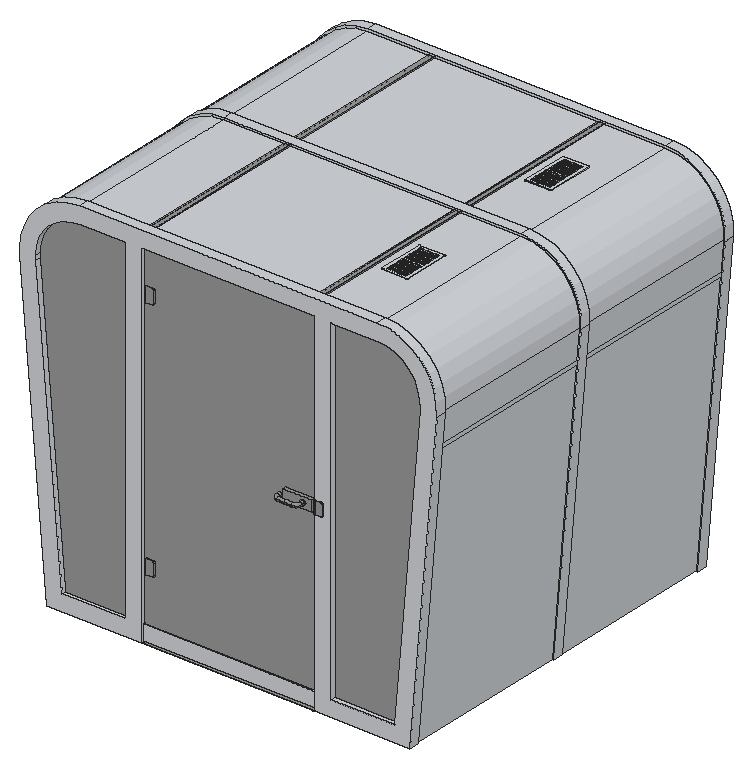
Revit family "Retreat 2.2 - PET Back", category Generic Models, host Floor, Revit 2020
Family settings
  Host = Floor
  Can host rebar = No
  Round Connector Dimension = Use Diameter
  Part Type = Normal
  Always vertical = Yes
  Cut with Voids When Loaded = No
  Shared = No
  Room Calculation Point = No
Parameters
  Default Elevation = 0 mm
Reference planes
  plane 1 "Center (Front/Back)": y = 0
  plane 2: z = 0
  plane 3 "Center (Left/Right)": x = 3.294
Forms (mm)
  Extrusion 1, solid
    sketch origin (0, 0, 0) x (1, 0, 0) y (0, 0, 1)
      loop
        line (-994.283, 0) -> (-1135.633, 1615.634) -> (-1187.435, 1611.102) -> (-1046.482, 0) -> (-994.283, 0)
      loop
        line (-1136.069, 1620.615) -> (-1152.093, 1803.768)
        arc (-1152.093, 1803.768) -> (-1152.883, 1815.827) -> (-1153.147, 1827.91) r 277
        arc (-1153.147, 1827.91) -> (-1072.015, 2023.779) -> (-876.147, 2104.91) r 277
        line (-876.147, 2104.91) -> (-511.874, 2104.91) -> (-511.874, 2156.91) -> (-876.147, 2156.91)
        arc (-876.147, 2156.91) -> (-1108.785, 2060.548) -> (-1205.147, 1827.91) r 329
        arc (-1205.147, 1827.91) -> (-1204.834, 1813.559) -> (-1203.895, 1799.236) r 329
        line (-1203.895, 1799.236) -> (-1187.871, 1616.083) -> (-1136.069, 1620.615)
      loop
        line (-486.874, 2104.91) -> (488.126, 2104.91) -> (488.126, 2156.91) -> (-486.874, 2156.91) -> (-486.874, 2104.91)
      loop
        line (513.126, 2104.91) -> (877.399, 2104.91)
        arc (877.399, 2104.91) -> (1081.624, 2015.048) -> (1153.345, 1803.768) r 277
        line (1153.345, 1803.768) -> (1137.321, 1620.615) -> (1189.123, 1616.083) -> (1205.147, 1799.236)
        arc (1205.147, 1799.236) -> (1119.963, 2050.179) -> (877.399, 2156.91) r 329
        line (877.399, 2156.91) -> (513.126, 2156.91) -> (513.126, 2104.91)
      loop
        line (1136.885, 1615.634) -> (995.535, 0) -> (1047.734, 0) -> (1188.687, 1611.102) -> (1136.885, 1615.634)
    from -1030 to -30
  Extrusion 2, solid
    sketch origin (0, 0, 0) x (1, 0, 0) y (0, 0, 1)
      loop
        line (-985.249, 0) -> (-1126.667, 1616.419) -> (-1135.633, 1615.634) -> (-994.283, 0) -> (-985.249, 0)
      loop
        line (-1127.103, 1621.4) -> (-1143.127, 1804.552)
        arc (-1143.127, 1804.552) -> (-1143.892, 1816.22) -> (-1144.147, 1827.91) r 268
        arc (-1144.147, 1827.91) -> (-1065.651, 2017.415) -> (-876.147, 2095.91) r 268
        line (-876.147, 2095.91) -> (-511.874, 2095.91) -> (-511.874, 2104.91) -> (-876.147, 2104.91)
        arc (-876.147, 2104.91) -> (-1072.015, 2023.779) -> (-1153.147, 1827.91) r 277
        arc (-1153.147, 1827.91) -> (-1152.883, 1815.827) -> (-1152.093, 1803.768) r 277
        line (-1152.093, 1803.768) -> (-1136.069, 1620.615) -> (-1127.103, 1621.4)
      loop
        line (-486.874, 2095.91) -> (488.126, 2095.91) -> (488.126, 2104.91) -> (-486.874, 2104.91) -> (-486.874, 2095.91)
      loop
        line (513.126, 2095.91) -> (877.399, 2095.91)
        arc (877.399, 2095.91) -> (1074.989, 2008.968) -> (1144.379, 1804.552) r 268
        line (1144.379, 1804.552) -> (1128.355, 1621.4) -> (1137.321, 1620.615) -> (1153.345, 1803.768)
        arc (1153.345, 1803.768) -> (1081.624, 2015.048) -> (877.399, 2104.91) r 277
        line (877.399, 2104.91) -> (513.126, 2104.91) -> (513.126, 2095.91)
      loop
        line (1127.919, 1616.419) -> (986.501, 0) -> (995.535, 0) -> (1136.885, 1615.634) -> (1127.919, 1616.419)
    from -1030 to -30
  Extrusion 3, solid
    sketch origin (0, 0, 0) x (1, 0, 0) y (0, 0, 1)
      loop
        line (-1046.482, 0) -> (-1187.435, 1611.102) -> (-1196.401, 1610.318) -> (-1055.516, 0) -> (-1046.482, 0)
      loop
        line (-1187.871, 1616.083) -> (-1203.895, 1799.236)
        arc (-1203.895, 1799.236) -> (-1204.834, 1813.559) -> (-1205.147, 1827.91) r 329
        arc (-1205.147, 1827.91) -> (-1108.785, 2060.548) -> (-876.147, 2156.91) r 329
        line (-876.147, 2156.91) -> (-511.874, 2156.91) -> (-511.874, 2165.91) -> (-876.147, 2165.91)
        arc (-876.147, 2165.91) -> (-1115.149, 2066.912) -> (-1214.147, 1827.91) r 338
        arc (-1214.147, 1827.91) -> (-1213.825, 1813.167) -> (-1212.86, 1798.451) r 338
        line (-1212.86, 1798.451) -> (-1196.837, 1615.299) -> (-1187.871, 1616.083)
      loop
        line (-486.874, 2156.91) -> (488.126, 2156.91) -> (488.126, 2165.91) -> (-486.874, 2165.91) -> (-486.874, 2156.91)
      loop
        line (513.126, 2156.91) -> (877.399, 2156.91)
        arc (877.399, 2156.91) -> (1119.963, 2050.179) -> (1205.147, 1799.236) r 329
        line (1205.147, 1799.236) -> (1189.123, 1616.083) -> (1198.089, 1615.299) -> (1214.112, 1798.451)
        arc (1214.112, 1798.451) -> (1126.598, 2056.259) -> (877.399, 2165.91) r 338
        line (877.399, 2165.91) -> (513.126, 2165.91) -> (513.126, 2156.91)
      loop
        line (1188.687, 1611.102) -> (1047.734, 0) -> (1056.768, 0) -> (1197.653, 1610.318) -> (1188.687, 1611.102)
    from -1030 to -30
  Extrusion 4, solid
    sketch origin (0, 0, 0) x (1, 0, 0) y (0, 0, 1)
      loop
        line (-1055.516, 0) -> (-1196.401, 1610.318) -> (-1198.393, 1610.144) -> (-1057.524, 0) -> (-1055.516, 0)
      loop
        line (-1196.837, 1615.299) -> (-1212.86, 1798.451)
        arc (-1212.86, 1798.451) -> (-1213.825, 1813.167) -> (-1214.147, 1827.91) r 338
        arc (-1214.147, 1827.91) -> (-1115.149, 2066.912) -> (-876.147, 2165.91) r 338
        line (-876.147, 2165.91) -> (-511.874, 2165.91) -> (-511.874, 2167.91) -> (-876.147, 2167.91)
        arc (-876.147, 2167.91) -> (-1116.563, 2068.326) -> (-1216.147, 1827.91) r 340
        arc (-1216.147, 1827.91) -> (-1215.823, 1813.079) -> (-1214.853, 1798.277) r 340
        line (-1214.853, 1798.277) -> (-1198.829, 1615.125) -> (-1196.837, 1615.299)
      loop
        line (-486.874, 2165.91) -> (488.126, 2165.91) -> (488.126, 2167.91) -> (-486.874, 2167.91) -> (-486.874, 2165.91)
      loop
        line (513.126, 2167.91) -> (513.126, 2165.91) -> (877.399, 2165.91)
        arc (877.399, 2165.91) -> (1126.598, 2056.259) -> (1214.112, 1798.451) r 338
        line (1214.112, 1798.451) -> (1198.089, 1615.299) -> (1200.081, 1615.125) -> (1216.105, 1798.277)
        arc (1216.105, 1798.277) -> (1128.073, 2057.611) -> (877.399, 2167.91) r 340
        line (877.399, 2167.91) -> (513.126, 2167.91)
      loop
        line (1197.653, 1610.318) -> (1056.768, 0) -> (1058.776, 0) -> (1199.645, 1610.144) -> (1197.653, 1610.318)
    from -1030 to -30
  Extrusion 5, solid
    sketch origin (0, 0, 0) x (1, 0, 0) y (0, 0, 1)
      loop
        line (-510, 0) -> (-510, 2083) -> (510, 2083) -> (510, 0) -> (1068, 0) -> (1225.26, 1797.495)
        arc (1225.26, 1797.495) -> (1134.639, 2064.457) -> (876.592, 2178) r 350
        line (876.592, 2178) -> (-876.592, 2178)
        arc (-876.592, 2178) -> (-1124.08, 2075.487) -> (-1226.592, 1828) r 350
        arc (-1226.592, 1828) -> (-1226.259, 1812.733) -> (-1225.26, 1797.495) r 350
        line (-1225.26, 1797.495) -> (-1068, 0) -> (-510, 0)
      loop
        line (-605, 95) -> (-605, 2083) -> (-876.592, 2083)
        arc (-876.592, 2083) -> (-1056.905, 2008.312) -> (-1131.592, 1828) r 255
        arc (-1131.592, 1828) -> (-1131.35, 1816.877) -> (-1130.622, 1805.775) r 255
        line (-1130.622, 1805.775) -> (-980.949, 95) -> (-605, 95)
      loop
        line (605, 95) -> (980.949, 95) -> (1130.622, 1805.775)
        arc (1130.622, 1805.775) -> (1064.598, 2000.276) -> (876.592, 2083) r 255
        line (876.592, 2083) -> (605, 2083) -> (605, 95)
    from 1030 to 1090
  Extrusion 6, solid
    sketch origin (0, 0, 0) x (1, 0, 0) y (0, 0, 1)
      loop
        line (-488, 0) -> (-488, 2061) -> (488, 2061) -> (488, 0) -> (510, 0) -> (510, 2083) -> (-510, 2083) -> (-510, 0) -> (-488, 0)
    from 1030 to 1050
  Extrusion 7, solid
    sketch origin (0, 0, 0) x (1, 0, 0) y (0, 0, 1)
      loop
        line (-1068, 0) -> (1068, 0) -> (1225.26, 1797.495)
        arc (1225.26, 1797.495) -> (1134.639, 2064.457) -> (876.592, 2178) r 350
        line (876.592, 2178) -> (-876.592, 2178)
        arc (-876.592, 2178) -> (-1124.08, 2075.487) -> (-1226.592, 1828) r 350
        arc (-1226.592, 1828) -> (-1226.259, 1812.733) -> (-1225.26, 1797.495) r 350
        line (-1225.26, 1797.495) -> (-1068, 0)
      loop
        line (-980.949, 95) -> (-572.5, 95) -> (-572.5, 2083) -> (-876.592, 2083)
        arc (-876.592, 2083) -> (-1056.905, 2008.312) -> (-1131.592, 1828) r 255
        arc (-1131.592, 1828) -> (-1131.35, 1816.877) -> (-1130.622, 1805.775) r 255
        line (-1130.622, 1805.775) -> (-980.949, 95)
      loop
        line (-427.5, 95) -> (427.5, 95) -> (427.5, 2083) -> (-427.5, 2083) -> (-427.5, 95)
      loop
        line (572.5, 95) -> (980.949, 95) -> (1130.622, 1805.775)
        arc (1130.622, 1805.775) -> (1064.598, 2000.276) -> (876.592, 2083) r 255
        line (876.592, 2083) -> (572.5, 2083) -> (572.5, 95)
    from -1090 to -1030
  Extrusion 8, solid
    sketch origin (0, 0, 0) x (1, 0, 0) y (0, 0, 1)
      loop
        line (505, 98.5) -> (-505, 98.5) -> (-505, 10.5) -> (505, 10.5) -> (505, 98.5)
    from 1071.5 to 1080.5
  Extrusion 9, solid
    sketch origin (0, 0, 0) x (1, 0, 0) y (0, 0, 1)
      loop
        line (484, 98.5) -> (-484, 98.5) -> (-484, 10.5) -> (484, 10.5) -> (484, 98.5)
    from 1033.5 to 1063.5
  Extrusion 10, solid
    sketch origin (782.264, -533.1, 0) x (1, 0, 0) y (0, 1, 0)
      loop
        line (-66.5, 143) -> (-212.5, 143)
        arc (-212.5, 143) -> (-216.036, 141.536) -> (-217.5, 138) r 5
        line (-217.5, 138) -> (-217.5, -134.9)
        arc (-217.5, -134.9) -> (-216.036, -138.436) -> (-212.5, -139.9) r 5
        line (-212.5, -139.9) -> (-66.5, -139.9)
        arc (-66.5, -139.9) -> (-62.964, -138.436) -> (-61.5, -134.9) r 5
        line (-61.5, -134.9) -> (-61.5, 138)
        arc (-61.5, 138) -> (-62.964, 141.536) -> (-66.5, 143) r 5
      loop
        line (-196.5, -90) -> (-196.5, -120)
        arc (-196.5, -120) -> (-195.914, -121.414) -> (-194.5, -122) r 2
        arc (-194.5, -122) -> (-193.086, -121.414) -> (-192.5, -120) r 2
        line (-192.5, -120) -> (-192.5, -90)
        arc (-192.5, -90) -> (-194.5, -88) -> (-196.5, -90) r 2
      loop
        line (-185.5, -90) -> (-185.5, -120)
        arc (-185.5, -120) -> (-184.914, -121.414) -> (-183.5, -122) r 2
        arc (-183.5, -122) -> (-182.086, -121.414) -> (-181.5, -120) r 2
        line (-181.5, -120) -> (-181.5, -90)
        arc (-181.5, -90) -> (-183.5, -88) -> (-185.5, -90) r 2
      loop
        line (-174.5, -90) -> (-174.5, -120)
        arc (-174.5, -120) -> (-173.914, -121.414) -> (-172.5, -122) r 2
        arc (-172.5, -122) -> (-171.086, -121.414) -> (-170.5, -120) r 2
        line (-170.5, -120) -> (-170.5, -90)
        arc (-170.5, -90) -> (-172.5, -88) -> (-174.5, -90) r 2
      loop
        line (-163.5, -90) -> (-163.5, -120)
        arc (-163.5, -120) -> (-162.914, -121.414) -> (-161.5, -122) r 2
        arc (-161.5, -122) -> (-160.086, -121.414) -> (-159.5, -120) r 2
        line (-159.5, -120) -> (-159.5, -90)
        arc (-159.5, -90) -> (-161.5, -88) -> (-163.5, -90) r 2
      loop
        line (-152.5, -90) -> (-152.5, -120)
        arc (-152.5, -120) -> (-151.914, -121.414) -> (-150.5, -122) r 2
        arc (-150.5, -122) -> (-149.086, -121.414) -> (-148.5, -120) r 2
        line (-148.5, -120) -> (-148.5, -90)
        arc (-148.5, -90) -> (-150.5, -88) -> (-152.5, -90) r 2
      loop
        line (-141.5, -90) -> (-141.5, -120)
        arc (-141.5, -120) -> (-140.914, -121.414) -> (-139.5, -122) r 2
        arc (-139.5, -122) -> (-138.086, -121.414) -> (-137.5, -120) r 2
        line (-137.5, -120) -> (-137.5, -90)
        arc (-137.5, -90) -> (-139.5, -88) -> (-141.5, -90) r 2
      loop
        line (-130.5, -90) -> (-130.5, -120)
        arc (-130.5, -120) -> (-129.914, -121.414) -> (-128.5, -122) r 2
        arc (-128.5, -122) -> (-127.086, -121.414) -> (-126.5, -120) r 2
        line (-126.5, -120) -> (-126.5, -90)
        arc (-126.5, -90) -> (-128.5, -88) -> (-130.5, -90) r 2
      loop
        line (-119.5, -90) -> (-119.5, -120)
        arc (-119.5, -120) -> (-118.914, -121.414) -> (-117.5, -122) r 2
        arc (-117.5, -122) -> (-116.086, -121.414) -> (-115.5, -120) r 2
        line (-115.5, -120) -> (-115.5, -90)
        arc (-115.5, -90) -> (-117.5, -88) -> (-119.5, -90) r 2
      loop
        line (-108.5, -90) -> (-108.5, -120)
        arc (-108.5, -120) -> (-107.914, -121.414) -> (-106.5, -122) r 2
        arc (-106.5, -122) -> (-105.086, -121.414) -> (-104.5, -120) r 2
        line (-104.5, -120) -> (-104.5, -90)
        arc (-104.5, -90) -> (-106.5, -88) -> (-108.5, -90) r 2
      loop
        line (-97.5, -90) -> (-97.5, -120)
        arc (-97.5, -120) -> (-96.914, -121.414) -> (-95.5, -122) r 2
        arc (-95.5, -122) -> (-94.086, -121.414) -> (-93.5, -120) r 2
        line (-93.5, -120) -> (-93.5, -90)
        arc (-93.5, -90) -> (-95.5, -88) -> (-97.5, -90) r 2
      loop
        line (-86.5, -90) -> (-86.5, -120)
        arc (-86.5, -120) -> (-85.914, -121.414) -> (-84.5, -122) r 2
        arc (-84.5, -122) -> (-83.086, -121.414) -> (-82.5, -120) r 2
        line (-82.5, -120) -> (-82.5, -90)
        arc (-82.5, -90) -> (-84.5, -88) -> (-86.5, -90) r 2
      loop
        line (-82.5, -80) -> (-82.5, -50)
        arc (-82.5, -50) -> (-84.5, -48) -> (-86.5, -50) r 2
        line (-86.5, -50) -> (-86.5, -80)
        arc (-86.5, -80) -> (-85.914, -81.414) -> (-84.5, -82) r 2
        arc (-84.5, -82) -> (-83.086, -81.414) -> (-82.5, -80) r 2
      loop
        line (-93.5, -80) -> (-93.5, -50)
        arc (-93.5, -50) -> (-95.5, -48) -> (-97.5, -50) r 2
        line (-97.5, -50) -> (-97.5, -80)
        arc (-97.5, -80) -> (-96.914, -81.414) -> (-95.5, -82) r 2
        arc (-95.5, -82) -> (-94.086, -81.414) -> (-93.5, -80) r 2
      loop
        line (-104.5, -80) -> (-104.5, -50)
        arc (-104.5, -50) -> (-106.5, -48) -> (-108.5, -50) r 2
        line (-108.5, -50) -> (-108.5, -80)
        arc (-108.5, -80) -> (-107.914, -81.414) -> (-106.5, -82) r 2
        arc (-106.5, -82) -> (-105.086, -81.414) -> (-104.5, -80) r 2
      loop
        line (-115.5, -80) -> (-115.5, -50)
        arc (-115.5, -50) -> (-117.5, -48) -> (-119.5, -50) r 2
        line (-119.5, -50) -> (-119.5, -80)
        arc (-119.5, -80) -> (-118.914, -81.414) -> (-117.5, -82) r 2
        arc (-117.5, -82) -> (-116.086, -81.414) -> (-115.5, -80) r 2
      loop
        line (-126.5, -80) -> (-126.5, -50)
        arc (-126.5, -50) -> (-128.5, -48) -> (-130.5, -50) r 2
        line (-130.5, -50) -> (-130.5, -80)
        arc (-130.5, -80) -> (-129.914, -81.414) -> (-128.5, -82) r 2
        arc (-128.5, -82) -> (-127.086, -81.414) -> (-126.5, -80) r 2
      loop
        line (-137.5, -80) -> (-137.5, -50)
        arc (-137.5, -50) -> (-139.5, -48) -> (-141.5, -50) r 2
        line (-141.5, -50) -> (-141.5, -80)
        arc (-141.5, -80) -> (-140.914, -81.414) -> (-139.5, -82) r 2
        arc (-139.5, -82) -> (-138.086, -81.414) -> (-137.5, -80) r 2
      loop
        line (-148.5, -80) -> (-148.5, -50)
        arc (-148.5, -50) -> (-150.5, -48) -> (-152.5, -50) r 2
        line (-152.5, -50) -> (-152.5, -80)
        arc (-152.5, -80) -> (-151.914, -81.414) -> (-150.5, -82) r 2
        arc (-150.5, -82) -> (-149.086, -81.414) -> (-148.5, -80) r 2
      loop
        line (-159.5, -80) -> (-159.5, -50)
        arc (-159.5, -50) -> (-161.5, -48) -> (-163.5, -50) r 2
        line (-163.5, -50) -> (-163.5, -80)
        arc (-163.5, -80) -> (-162.914, -81.414) -> (-161.5, -82) r 2
        arc (-161.5, -82) -> (-160.086, -81.414) -> (-159.5, -80) r 2
      loop
        line (-170.5, -80) -> (-170.5, -50)
        arc (-170.5, -50) -> (-172.5, -48) -> (-174.5, -50) r 2
        line (-174.5, -50) -> (-174.5, -80)
        arc (-174.5, -80) -> (-173.914, -81.414) -> (-172.5, -82) r 2
        arc (-172.5, -82) -> (-171.086, -81.414) -> (-170.5, -80) r 2
      loop
        line (-181.5, -80) -> (-181.5, -50)
        arc (-181.5, -50) -> (-183.5, -48) -> (-185.5, -50) r 2
        line (-185.5, -50) -> (-185.5, -80)
        arc (-185.5, -80) -> (-184.914, -81.414) -> (-183.5, -82) r 2
        arc (-183.5, -82) -> (-182.086, -81.414) -> (-181.5, -80) r 2
      loop
        line (-192.5, -80) -> (-192.5, -50)
        arc (-192.5, -50) -> (-194.5, -48) -> (-196.5, -50) r 2
        line (-196.5, -50) -> (-196.5, -80)
        arc (-196.5, -80) -> (-195.914, -81.414) -> (-194.5, -82) r 2
        arc (-194.5, -82) -> (-193.086, -81.414) -> (-192.5, -80) r 2
      loop
        line (-196.5, -10) -> (-196.5, -40)
        arc (-196.5, -40) -> (-195.914, -41.414) -> (-194.5, -42) r 2
        arc (-194.5, -42) -> (-193.086, -41.414) -> (-192.5, -40) r 2
        line (-192.5, -40) -> (-192.5, -10)
        arc (-192.5, -10) -> (-194.5, -8) -> (-196.5, -10) r 2
      loop
        line (-185.5, -10) -> (-185.5, -40)
        arc (-185.5, -40) -> (-184.914, -41.414) -> (-183.5, -42) r 2
        arc (-183.5, -42) -> (-182.086, -41.414) -> (-181.5, -40) r 2
        line (-181.5, -40) -> (-181.5, -10)
        arc (-181.5, -10) -> (-183.5, -8) -> (-185.5, -10) r 2
      loop
        line (-174.5, -10) -> (-174.5, -40)
        arc (-174.5, -40) -> (-172.5, -42) -> (-170.5, -40) r 2
        line (-170.5, -40) -> (-170.5, -10)
        arc (-170.5, -10) -> (-172.5, -8) -> (-174.5, -10) r 2
      loop
        line (-163.5, -10) -> (-163.5, -40)
        arc (-163.5, -40) -> (-162.914, -41.414) -> (-161.5, -42) r 2
        arc (-161.5, -42) -> (-160.086, -41.414) -> (-159.5, -40) r 2
        line (-159.5, -40) -> (-159.5, -10)
        arc (-159.5, -10) -> (-161.5, -8) -> (-163.5, -10) r 2
      loop
        line (-152.5, -10) -> (-152.5, -40)
        arc (-152.5, -40) -> (-151.914, -41.414) -> (-150.5, -42) r 2
        arc (-150.5, -42) -> (-149.086, -41.414) -> (-148.5, -40) r 2
        line (-148.5, -40) -> (-148.5, -10)
        arc (-148.5, -10) -> (-150.5, -8) -> (-152.5, -10) r 2
      loop
        line (-141.5, -10) -> (-141.5, -40)
        arc (-141.5, -40) -> (-140.914, -41.414) -> (-139.5, -42) r 2
        arc (-139.5, -42) -> (-138.086, -41.414) -> (-137.5, -40) r 2
        line (-137.5, -40) -> (-137.5, -10)
        arc (-137.5, -10) -> (-139.5, -8) -> (-141.5, -10) r 2
      loop
        line (-130.5, -10) -> (-130.5, -40)
        arc (-130.5, -40) -> (-129.914, -41.414) -> (-128.5, -42) r 2
        arc (-128.5, -42) -> (-127.086, -41.414) -> (-126.5, -40) r 2
        line (-126.5, -40) -> (-126.5, -10)
        arc (-126.5, -10) -> (-128.5, -8) -> (-130.5, -10) r 2
      loop
        line (-119.5, -10) -> (-119.5, -40)
        arc (-119.5, -40) -> (-118.914, -41.414) -> (-117.5, -42) r 2
        arc (-117.5, -42) -> (-116.086, -41.414) -> (-115.5, -40) r 2
        line (-115.5, -40) -> (-115.5, -10)
        arc (-115.5, -10) -> (-117.5, -8) -> (-119.5, -10) r 2
      loop
        line (-108.5, -10) -> (-108.5, -40)
        arc (-108.5, -40) -> (-107.914, -41.414) -> (-106.5, -42) r 2
        arc (-106.5, -42) -> (-105.086, -41.414) -> (-104.5, -40) r 2
        line (-104.5, -40) -> (-104.5, -10)
        arc (-104.5, -10) -> (-106.5, -8) -> (-108.5, -10) r 2
      loop
        line (-97.5, -10) -> (-97.5, -40)
        arc (-97.5, -40) -> (-96.914, -41.414) -> (-95.5, -42) r 2
        arc (-95.5, -42) -> (-94.086, -41.414) -> (-93.5, -40) r 2
        line (-93.5, -40) -> (-93.5, -10)
        arc (-93.5, -10) -> (-95.5, -8) -> (-97.5, -10) r 2
      loop
        line (-86.5, -10) -> (-86.5, -40)
        arc (-86.5, -40) -> (-85.914, -41.414) -> (-84.5, -42) r 2
        arc (-84.5, -42) -> (-83.086, -41.414) -> (-82.5, -40) r 2
        line (-82.5, -40) -> (-82.5, -10)
        arc (-82.5, -10) -> (-84.5, -8) -> (-86.5, -10) r 2
      loop
        line (-82.5, 10) -> (-82.5, 40)
        arc (-82.5, 40) -> (-84.5, 42) -> (-86.5, 40) r 2
        line (-86.5, 40) -> (-86.5, 10)
        arc (-86.5, 10) -> (-85.914, 8.586) -> (-84.5, 8) r 2
        arc (-84.5, 8) -> (-83.086, 8.586) -> (-82.5, 10) r 2
      loop
        line (-93.5, 10) -> (-93.5, 40)
        arc (-93.5, 40) -> (-95.5, 42) -> (-97.5, 40) r 2
        line (-97.5, 40) -> (-97.5, 10)
        arc (-97.5, 10) -> (-96.914, 8.586) -> (-95.5, 8) r 2
        arc (-95.5, 8) -> (-94.086, 8.586) -> (-93.5, 10) r 2
      loop
        line (-104.5, 10) -> (-104.5, 40)
        arc (-104.5, 40) -> (-106.5, 42) -> (-108.5, 40) r 2
        line (-108.5, 40) -> (-108.5, 10)
        arc (-108.5, 10) -> (-107.914, 8.586) -> (-106.5, 8) r 2
        arc (-106.5, 8) -> (-105.086, 8.586) -> (-104.5, 10) r 2
      loop
        line (-115.5, 10) -> (-115.5, 40)
        arc (-115.5, 40) -> (-117.5, 42) -> (-119.5, 40) r 2
        line (-119.5, 40) -> (-119.5, 10)
        arc (-119.5, 10) -> (-118.914, 8.586) -> (-117.5, 8) r 2
        arc (-117.5, 8) -> (-116.086, 8.586) -> (-115.5, 10) r 2
      loop
        line (-130.5, 40) -> (-130.5, 10)
        arc (-130.5, 10) -> (-129.914, 8.586) -> (-128.5, 8) r 2
        arc (-128.5, 8) -> (-127.086, 8.586) -> (-126.5, 10) r 2
        line (-126.5, 10) -> (-126.5, 40)
        arc (-126.5, 40) -> (-128.5, 42) -> (-130.5, 40) r 2
      loop
        line (-137.5, 10) -> (-137.5, 40)
        arc (-137.5, 40) -> (-139.5, 42) -> (-141.5, 40) r 2
        line (-141.5, 40) -> (-141.5, 10)
        arc (-141.5, 10) -> (-140.914, 8.586) -> (-139.5, 8) r 2
        arc (-139.5, 8) -> (-138.086, 8.586) -> (-137.5, 10) r 2
      loop
        line (-148.5, 10) -> (-148.5, 40)
        arc (-148.5, 40) -> (-150.5, 42) -> (-152.5, 40) r 2
        line (-152.5, 40) -> (-152.5, 10)
        arc (-152.5, 10) -> (-151.914, 8.586) -> (-150.5, 8) r 2
        arc (-150.5, 8) -> (-149.086, 8.586) -> (-148.5, 10) r 2
      loop
        line (-159.5, 10) -> (-159.5, 40)
        arc (-159.5, 40) -> (-161.5, 42) -> (-163.5, 40) r 2
        line (-163.5, 40) -> (-163.5, 10)
        arc (-163.5, 10) -> (-162.914, 8.586) -> (-161.5, 8) r 2
        arc (-161.5, 8) -> (-160.086, 8.586) -> (-159.5, 10) r 2
      loop
        line (-170.5, 10) -> (-170.5, 40)
        arc (-170.5, 40) -> (-172.5, 42) -> (-174.5, 40) r 2
        line (-174.5, 40) -> (-174.5, 10)
        arc (-174.5, 10) -> (-173.914, 8.586) -> (-172.5, 8) r 2
        arc (-172.5, 8) -> (-171.086, 8.586) -> (-170.5, 10) r 2
      loop
        line (-181.5, 10) -> (-181.5, 40)
        arc (-181.5, 40) -> (-183.5, 42) -> (-185.5, 40) r 2
        line (-185.5, 40) -> (-185.5, 10)
        arc (-185.5, 10) -> (-184.914, 8.586) -> (-183.5, 8) r 2
        arc (-183.5, 8) -> (-182.086, 8.586) -> (-181.5, 10) r 2
      loop
        line (-192.5, 10) -> (-192.5, 40)
        arc (-192.5, 40) -> (-194.5, 42) -> (-196.5, 40) r 2
        line (-196.5, 40) -> (-196.5, 10)
        arc (-196.5, 10) -> (-195.914, 8.586) -> (-194.5, 8) r 2
        arc (-194.5, 8) -> (-193.086, 8.586) -> (-192.5, 10) r 2
      loop
        line (-196.5, 80) -> (-196.5, 50)
        arc (-196.5, 50) -> (-195.914, 48.586) -> (-194.5, 48) r 2
        arc (-194.5, 48) -> (-193.086, 48.586) -> (-192.5, 50) r 2
        line (-192.5, 50) -> (-192.5, 80)
        arc (-192.5, 80) -> (-194.5, 82) -> (-196.5, 80) r 2
      loop
        line (-185.5, 80) -> (-185.5, 50)
        arc (-185.5, 50) -> (-184.914, 48.586) -> (-183.5, 48) r 2
        arc (-183.5, 48) -> (-182.086, 48.586) -> (-181.5, 50) r 2
        line (-181.5, 50) -> (-181.5, 80)
        arc (-181.5, 80) -> (-183.5, 82) -> (-185.5, 80) r 2
      loop
        line (-174.5, 80) -> (-174.5, 50)
        arc (-174.5, 50) -> (-173.914, 48.586) -> (-172.5, 48) r 2
        arc (-172.5, 48) -> (-171.086, 48.586) -> (-170.5, 50) r 2
        line (-170.5, 50) -> (-170.5, 80)
        arc (-170.5, 80) -> (-172.5, 82) -> (-174.5, 80) r 2
      loop
        line (-163.5, 80) -> (-163.5, 50)
        arc (-163.5, 50) -> (-162.914, 48.586) -> (-161.5, 48) r 2
        arc (-161.5, 48) -> (-160.086, 48.586) -> (-159.5, 50) r 2
        line (-159.5, 50) -> (-159.5, 80)
        arc (-159.5, 80) -> (-161.5, 82) -> (-163.5, 80) r 2
      loop
        line (-152.5, 80) -> (-152.5, 50)
        arc (-152.5, 50) -> (-151.914, 48.586) -> (-150.5, 48) r 2
        arc (-150.5, 48) -> (-149.086, 48.586) -> (-148.5, 50) r 2
        line (-148.5, 50) -> (-148.5, 80)
        arc (-148.5, 80) -> (-150.5, 82) -> (-152.5, 80) r 2
      loop
        line (-141.5, 80) -> (-141.5, 50)
        arc (-141.5, 50) -> (-140.914, 48.586) -> (-139.5, 48) r 2
        arc (-139.5, 48) -> (-138.086, 48.586) -> (-137.5, 50) r 2
        line (-137.5, 50) -> (-137.5, 80)
        arc (-137.5, 80) -> (-139.5, 82) -> (-141.5, 80) r 2
      loop
        line (-130.5, 80) -> (-130.5, 50)
        arc (-130.5, 50) -> (-129.914, 48.586) -> (-128.5, 48) r 2
        arc (-128.5, 48) -> (-127.086, 48.586) -> (-126.5, 50) r 2
        line (-126.5, 50) -> (-126.5, 80)
        arc (-126.5, 80) -> (-128.5, 82) -> (-130.5, 80) r 2
      loop
        line (-119.5, 80) -> (-119.5, 50)
        arc (-119.5, 50) -> (-118.914, 48.586) -> (-117.5, 48) r 2
        arc (-117.5, 48) -> (-116.086, 48.586) -> (-115.5, 50) r 2
        line (-115.5, 50) -> (-115.5, 80)
        arc (-115.5, 80) -> (-117.5, 82) -> (-119.5, 80) r 2
      loop
        line (-108.5, 80) -> (-108.5, 50)
        arc (-108.5, 50) -> (-107.914, 48.586) -> (-106.5, 48) r 2
        arc (-106.5, 48) -> (-105.086, 48.586) -> (-104.5, 50) r 2
        line (-104.5, 50) -> (-104.5, 80)
        arc (-104.5, 80) -> (-106.5, 82) -> (-108.5, 80) r 2
      loop
        line (-97.5, 80) -> (-97.5, 50)
        arc (-97.5, 50) -> (-96.914, 48.586) -> (-95.5, 48) r 2
        arc (-95.5, 48) -> (-94.086, 48.586) -> (-93.5, 50) r 2
        line (-93.5, 50) -> (-93.5, 80)
        arc (-93.5, 80) -> (-95.5, 82) -> (-97.5, 80) r 2
      loop
        line (-86.5, 80) -> (-86.5, 50)
        arc (-86.5, 50) -> (-85.914, 48.586) -> (-84.5, 48) r 2
        arc (-84.5, 48) -> (-83.086, 48.586) -> (-82.5, 50) r 2
        line (-82.5, 50) -> (-82.5, 80)
        arc (-82.5, 80) -> (-84.5, 82) -> (-86.5, 80) r 2
      loop
        line (-82.5, 90) -> (-82.5, 120)
        arc (-82.5, 120) -> (-84.5, 122) -> (-86.5, 120) r 2
        line (-86.5, 120) -> (-86.5, 90)
        arc (-86.5, 90) -> (-85.914, 88.586) -> (-84.5, 88) r 2
        arc (-84.5, 88) -> (-83.086, 88.586) -> (-82.5, 90) r 2
      loop
        line (-93.5, 90) -> (-93.5, 120)
        arc (-93.5, 120) -> (-95.5, 122) -> (-97.5, 120) r 2
        line (-97.5, 120) -> (-97.5, 90)
        arc (-97.5, 90) -> (-96.914, 88.586) -> (-95.5, 88) r 2
        arc (-95.5, 88) -> (-94.086, 88.586) -> (-93.5, 90) r 2
      loop
        line (-104.5, 90) -> (-104.5, 120)
        arc (-104.5, 120) -> (-106.5, 122) -> (-108.5, 120) r 2
        line (-108.5, 120) -> (-108.5, 90)
        arc (-108.5, 90) -> (-107.914, 88.586) -> (-106.5, 88) r 2
        arc (-106.5, 88) -> (-105.086, 88.586) -> (-104.5, 90) r 2
      loop
        line (-115.5, 90) -> (-115.5, 120)
        arc (-115.5, 120) -> (-117.5, 122) -> (-119.5, 120) r 2
        line (-119.5, 120) -> (-119.5, 90)
        arc (-119.5, 90) -> (-118.914, 88.586) -> (-117.5, 88) r 2
        arc (-117.5, 88) -> (-116.086, 88.586) -> (-115.5, 90) r 2
      loop
        line (-126.5, 90) -> (-126.5, 120)
        arc (-126.5, 120) -> (-128.5, 122) -> (-130.5, 120) r 2
        line (-130.5, 120) -> (-130.5, 90)
        arc (-130.5, 90) -> (-129.914, 88.586) -> (-128.5, 88) r 2
        arc (-128.5, 88) -> (-127.086, 88.586) -> (-126.5, 90) r 2
      loop
        line (-137.5, 90) -> (-137.5, 120)
        arc (-137.5, 120) -> (-139.5, 122) -> (-141.5, 120) r 2
        line (-141.5, 120) -> (-141.5, 90)
        arc (-141.5, 90) -> (-140.914, 88.586) -> (-139.5, 88) r 2
        arc (-139.5, 88) -> (-138.086, 88.586) -> (-137.5, 90) r 2
      loop
        line (-148.5, 90) -> (-148.5, 120)
        arc (-148.5, 120) -> (-150.5, 122) -> (-152.5, 120) r 2
        line (-152.5, 120) -> (-152.5, 90)
        arc (-152.5, 90) -> (-151.914, 88.586) -> (-150.5, 88) r 2
        arc (-150.5, 88) -> (-149.086, 88.586) -> (-148.5, 90) r 2
      loop
        line (-159.5, 90) -> (-159.5, 120)
        arc (-159.5, 120) -> (-161.5, 122) -> (-163.5, 120) r 2
        line (-163.5, 120) -> (-163.5, 90)
        arc (-163.5, 90) -> (-162.914, 88.586) -> (-161.5, 88) r 2
        arc (-161.5, 88) -> (-160.086, 88.586) -> (-159.5, 90) r 2
      loop
        line (-170.5, 90) -> (-170.5, 120)
        arc (-170.5, 120) -> (-172.5, 122) -> (-174.5, 120) r 2
        line (-174.5, 120) -> (-174.5, 90)
        arc (-174.5, 90) -> (-173.914, 88.586) -> (-172.5, 88) r 2
        arc (-172.5, 88) -> (-171.086, 88.586) -> (-170.5, 90) r 2
      loop
        line (-181.5, 90) -> (-181.5, 120)
        arc (-181.5, 120) -> (-183.5, 122) -> (-185.5, 120) r 2
        line (-185.5, 120) -> (-185.5, 90)
        arc (-185.5, 90) -> (-184.914, 88.586) -> (-183.5, 88) r 2
        arc (-183.5, 88) -> (-182.086, 88.586) -> (-181.5, 90) r 2
      loop
        line (-192.5, 90) -> (-192.5, 120)
        arc (-192.5, 120) -> (-194.5, 122) -> (-196.5, 120) r 2
        line (-196.5, 120) -> (-196.5, 90)
        arc (-196.5, 90) -> (-195.914, 88.586) -> (-194.5, 88) r 2
        arc (-194.5, 88) -> (-193.086, 88.586) -> (-192.5, 90) r 2
    from 2167.91 to 2169.51
  Extrusion 11, solid
    sketch origin (1076.078, -530, 486.793) x (-0.087156, 0, 0.996195) y (0, 1, 0)
      loop
        line (-66.5, 143) -> (-212.5, 143)
        arc (-212.5, 143) -> (-216.036, 141.536) -> (-217.5, 138) r 5
        line (-217.5, 138) -> (-217.5, -138)
        arc (-217.5, -138) -> (-216.036, -141.536) -> (-212.5, -143) r 5
        line (-212.5, -143) -> (-66.5, -143)
        arc (-66.5, -143) -> (-62.964, -141.536) -> (-61.5, -138) r 5
        line (-61.5, -138) -> (-61.5, 138)
        arc (-61.5, 138) -> (-62.964, 141.536) -> (-66.5, 143) r 5
      loop
        line (-196.5, -90) -> (-196.5, -120)
        arc (-196.5, -120) -> (-195.914, -121.414) -> (-194.5, -122) r 2
        arc (-194.5, -122) -> (-193.086, -121.414) -> (-192.5, -120) r 2
        line (-192.5, -120) -> (-192.5, -90)
        arc (-192.5, -90) -> (-194.5, -88) -> (-196.5, -90) r 2
      loop
        line (-185.5, -90) -> (-185.5, -120)
        arc (-185.5, -120) -> (-184.914, -121.414) -> (-183.5, -122) r 2
        arc (-183.5, -122) -> (-182.086, -121.414) -> (-181.5, -120) r 2
        line (-181.5, -120) -> (-181.5, -90)
        arc (-181.5, -90) -> (-183.5, -88) -> (-185.5, -90) r 2
      loop
        line (-174.5, -90) -> (-174.5, -120)
        arc (-174.5, -120) -> (-173.914, -121.414) -> (-172.5, -122) r 2
        arc (-172.5, -122) -> (-171.086, -121.414) -> (-170.5, -120) r 2
        line (-170.5, -120) -> (-170.5, -90)
        arc (-170.5, -90) -> (-172.5, -88) -> (-174.5, -90) r 2
      loop
        line (-163.5, -90) -> (-163.5, -120)
        arc (-163.5, -120) -> (-162.914, -121.414) -> (-161.5, -122) r 2
        arc (-161.5, -122) -> (-160.086, -121.414) -> (-159.5, -120) r 2
        line (-159.5, -120) -> (-159.5, -90)
        arc (-159.5, -90) -> (-161.5, -88) -> (-163.5, -90) r 2
      loop
        line (-152.5, -90) -> (-152.5, -120)
        arc (-152.5, -120) -> (-151.914, -121.414) -> (-150.5, -122) r 2
        arc (-150.5, -122) -> (-149.086, -121.414) -> (-148.5, -120) r 2
        line (-148.5, -120) -> (-148.5, -90)
        arc (-148.5, -90) -> (-150.5, -88) -> (-152.5, -90) r 2
      loop
        line (-141.5, -90) -> (-141.5, -120)
        arc (-141.5, -120) -> (-140.914, -121.414) -> (-139.5, -122) r 2
        arc (-139.5, -122) -> (-138.086, -121.414) -> (-137.5, -120) r 2
        line (-137.5, -120) -> (-137.5, -90)
        arc (-137.5, -90) -> (-139.5, -88) -> (-141.5, -90) r 2
      loop
        line (-130.5, -90) -> (-130.5, -120)
        arc (-130.5, -120) -> (-129.914, -121.414) -> (-128.5, -122) r 2
        arc (-128.5, -122) -> (-127.086, -121.414) -> (-126.5, -120) r 2
        line (-126.5, -120) -> (-126.5, -90)
        arc (-126.5, -90) -> (-128.5, -88) -> (-130.5, -90) r 2
      loop
        line (-119.5, -90) -> (-119.5, -120)
        arc (-119.5, -120) -> (-118.914, -121.414) -> (-117.5, -122) r 2
        arc (-117.5, -122) -> (-116.086, -121.414) -> (-115.5, -120) r 2
        line (-115.5, -120) -> (-115.5, -90)
        arc (-115.5, -90) -> (-117.5, -88) -> (-119.5, -90) r 2
      loop
        line (-108.5, -90) -> (-108.5, -120)
        arc (-108.5, -120) -> (-107.914, -121.414) -> (-106.5, -122) r 2
        arc (-106.5, -122) -> (-105.086, -121.414) -> (-104.5, -120) r 2
        line (-104.5, -120) -> (-104.5, -90)
        arc (-104.5, -90) -> (-106.5, -88) -> (-108.5, -90) r 2
      loop
        line (-97.5, -90) -> (-97.5, -120)
        arc (-97.5, -120) -> (-96.914, -121.414) -> (-95.5, -122) r 2
        arc (-95.5, -122) -> (-94.086, -121.414) -> (-93.5, -120) r 2
        line (-93.5, -120) -> (-93.5, -90)
        arc (-93.5, -90) -> (-95.5, -88) -> (-97.5, -90) r 2
      loop
        line (-86.5, -90) -> (-86.5, -120)
        arc (-86.5, -120) -> (-85.914, -121.414) -> (-84.5, -122) r 2
        arc (-84.5, -122) -> (-83.086, -121.414) -> (-82.5, -120) r 2
        line (-82.5, -120) -> (-82.5, -90)
        arc (-82.5, -90) -> (-84.5, -88) -> (-86.5, -90) r 2
      loop
        line (-82.5, -80) -> (-82.5, -50)
        arc (-82.5, -50) -> (-84.5, -48) -> (-86.5, -50) r 2
        line (-86.5, -50) -> (-86.5, -80)
        arc (-86.5, -80) -> (-85.914, -81.414) -> (-84.5, -82) r 2
        arc (-84.5, -82) -> (-83.086, -81.414) -> (-82.5, -80) r 2
      loop
        line (-93.5, -80) -> (-93.5, -50)
        arc (-93.5, -50) -> (-95.5, -48) -> (-97.5, -50) r 2
        line (-97.5, -50) -> (-97.5, -80)
        arc (-97.5, -80) -> (-96.914, -81.414) -> (-95.5, -82) r 2
        arc (-95.5, -82) -> (-94.086, -81.414) -> (-93.5, -80) r 2
      loop
        line (-104.5, -80) -> (-104.5, -50)
        arc (-104.5, -50) -> (-106.5, -48) -> (-108.5, -50) r 2
        line (-108.5, -50) -> (-108.5, -80)
        arc (-108.5, -80) -> (-107.914, -81.414) -> (-106.5, -82) r 2
        arc (-106.5, -82) -> (-105.086, -81.414) -> (-104.5, -80) r 2
      loop
        line (-115.5, -80) -> (-115.5, -50)
        arc (-115.5, -50) -> (-117.5, -48) -> (-119.5, -50) r 2
        line (-119.5, -50) -> (-119.5, -80)
        arc (-119.5, -80) -> (-118.914, -81.414) -> (-117.5, -82) r 2
        arc (-117.5, -82) -> (-116.086, -81.414) -> (-115.5, -80) r 2
      loop
        line (-126.5, -80) -> (-126.5, -50)
        arc (-126.5, -50) -> (-128.5, -48) -> (-130.5, -50) r 2
        line (-130.5, -50) -> (-130.5, -80)
        arc (-130.5, -80) -> (-129.914, -81.414) -> (-128.5, -82) r 2
        arc (-128.5, -82) -> (-127.086, -81.414) -> (-126.5, -80) r 2
      loop
        line (-137.5, -80) -> (-137.5, -50)
        arc (-137.5, -50) -> (-139.5, -48) -> (-141.5, -50) r 2
        line (-141.5, -50) -> (-141.5, -80)
        arc (-141.5, -80) -> (-140.914, -81.414) -> (-139.5, -82) r 2
        arc (-139.5, -82) -> (-138.086, -81.414) -> (-137.5, -80) r 2
      loop
        line (-148.5, -80) -> (-148.5, -50)
        arc (-148.5, -50) -> (-150.5, -48) -> (-152.5, -50) r 2
        line (-152.5, -50) -> (-152.5, -80)
        arc (-152.5, -80) -> (-151.914, -81.414) -> (-150.5, -82) r 2
        arc (-150.5, -82) -> (-149.086, -81.414) -> (-148.5, -80) r 2
      loop
        line (-159.5, -80) -> (-159.5, -50)
        arc (-159.5, -50) -> (-161.5, -48) -> (-163.5, -50) r 2
        line (-163.5, -50) -> (-163.5, -80)
        arc (-163.5, -80) -> (-162.914, -81.414) -> (-161.5, -82) r 2
        arc (-161.5, -82) -> (-160.086, -81.414) -> (-159.5, -80) r 2
      loop
        line (-170.5, -80) -> (-170.5, -50)
        arc (-170.5, -50) -> (-172.5, -48) -> (-174.5, -50) r 2
        line (-174.5, -50) -> (-174.5, -80)
        arc (-174.5, -80) -> (-173.914, -81.414) -> (-172.5, -82) r 2
        arc (-172.5, -82) -> (-171.086, -81.414) -> (-170.5, -80) r 2
      loop
        line (-181.5, -80) -> (-181.5, -50)
        arc (-181.5, -50) -> (-183.5, -48) -> (-185.5, -50) r 2
        line (-185.5, -50) -> (-185.5, -80)
        arc (-185.5, -80) -> (-184.914, -81.414) -> (-183.5, -82) r 2
        arc (-183.5, -82) -> (-182.086, -81.414) -> (-181.5, -80) r 2
      loop
        line (-192.5, -80) -> (-192.5, -50)
        arc (-192.5, -50) -> (-194.5, -48) -> (-196.5, -50) r 2
        line (-196.5, -50) -> (-196.5, -80)
        arc (-196.5, -80) -> (-195.914, -81.414) -> (-194.5, -82) r 2
        arc (-194.5, -82) -> (-193.086, -81.414) -> (-192.5, -80) r 2
      loop
        line (-196.5, -10) -> (-196.5, -40)
        arc (-196.5, -40) -> (-195.914, -41.414) -> (-194.5, -42) r 2
        arc (-194.5, -42) -> (-193.086, -41.414) -> (-192.5, -40) r 2
        line (-192.5, -40) -> (-192.5, -10)
        arc (-192.5, -10) -> (-194.5, -8) -> (-196.5, -10) r 2
      loop
        line (-185.5, -10) -> (-185.5, -40)
        arc (-185.5, -40) -> (-184.914, -41.414) -> (-183.5, -42) r 2
        arc (-183.5, -42) -> (-182.086, -41.414) -> (-181.5, -40) r 2
        line (-181.5, -40) -> (-181.5, -10)
        arc (-181.5, -10) -> (-183.5, -8) -> (-185.5, -10) r 2
      loop
        line (-174.5, -10) -> (-174.5, -40)
        arc (-174.5, -40) -> (-172.5, -42) -> (-170.5, -40) r 2
        line (-170.5, -40) -> (-170.5, -10)
        arc (-170.5, -10) -> (-172.5, -8) -> (-174.5, -10) r 2
      loop
        line (-163.5, -10) -> (-163.5, -40)
        arc (-163.5, -40) -> (-162.914, -41.414) -> (-161.5, -42) r 2
        arc (-161.5, -42) -> (-160.086, -41.414) -> (-159.5, -40) r 2
        line (-159.5, -40) -> (-159.5, -10)
        arc (-159.5, -10) -> (-161.5, -8) -> (-163.5, -10) r 2
      loop
        line (-152.5, -10) -> (-152.5, -40)
        arc (-152.5, -40) -> (-151.914, -41.414) -> (-150.5, -42) r 2
        arc (-150.5, -42) -> (-149.086, -41.414) -> (-148.5, -40) r 2
        line (-148.5, -40) -> (-148.5, -10)
        arc (-148.5, -10) -> (-150.5, -8) -> (-152.5, -10) r 2
      loop
        line (-141.5, -10) -> (-141.5, -40)
        arc (-141.5, -40) -> (-140.914, -41.414) -> (-139.5, -42) r 2
        arc (-139.5, -42) -> (-138.086, -41.414) -> (-137.5, -40) r 2
        line (-137.5, -40) -> (-137.5, -10)
        arc (-137.5, -10) -> (-139.5, -8) -> (-141.5, -10) r 2
      loop
        line (-130.5, -10) -> (-130.5, -40)
        arc (-130.5, -40) -> (-129.914, -41.414) -> (-128.5, -42) r 2
        arc (-128.5, -42) -> (-127.086, -41.414) -> (-126.5, -40) r 2
        line (-126.5, -40) -> (-126.5, -10)
        arc (-126.5, -10) -> (-128.5, -8) -> (-130.5, -10) r 2
      loop
        line (-119.5, -10) -> (-119.5, -40)
        arc (-119.5, -40) -> (-118.914, -41.414) -> (-117.5, -42) r 2
        arc (-117.5, -42) -> (-116.086, -41.414) -> (-115.5, -40) r 2
        line (-115.5, -40) -> (-115.5, -10)
        arc (-115.5, -10) -> (-117.5, -8) -> (-119.5, -10) r 2
      loop
        line (-108.5, -10) -> (-108.5, -40)
        arc (-108.5, -40) -> (-107.914, -41.414) -> (-106.5, -42) r 2
        arc (-106.5, -42) -> (-105.086, -41.414) -> (-104.5, -40) r 2
        line (-104.5, -40) -> (-104.5, -10)
        arc (-104.5, -10) -> (-106.5, -8) -> (-108.5, -10) r 2
      loop
        line (-97.5, -10) -> (-97.5, -40)
        arc (-97.5, -40) -> (-96.914, -41.414) -> (-95.5, -42) r 2
        arc (-95.5, -42) -> (-94.086, -41.414) -> (-93.5, -40) r 2
        line (-93.5, -40) -> (-93.5, -10)
        arc (-93.5, -10) -> (-95.5, -8) -> (-97.5, -10) r 2
      loop
        line (-86.5, -10) -> (-86.5, -40)
        arc (-86.5, -40) -> (-85.914, -41.414) -> (-84.5, -42) r 2
        arc (-84.5, -42) -> (-83.086, -41.414) -> (-82.5, -40) r 2
        line (-82.5, -40) -> (-82.5, -10)
        arc (-82.5, -10) -> (-84.5, -8) -> (-86.5, -10) r 2
      loop
        line (-82.5, 10) -> (-82.5, 40)
        arc (-82.5, 40) -> (-84.5, 42) -> (-86.5, 40) r 2
        line (-86.5, 40) -> (-86.5, 10)
        arc (-86.5, 10) -> (-85.914, 8.586) -> (-84.5, 8) r 2
        arc (-84.5, 8) -> (-83.086, 8.586) -> (-82.5, 10) r 2
      loop
        line (-93.5, 10) -> (-93.5, 40)
        arc (-93.5, 40) -> (-95.5, 42) -> (-97.5, 40) r 2
        line (-97.5, 40) -> (-97.5, 10)
        arc (-97.5, 10) -> (-96.914, 8.586) -> (-95.5, 8) r 2
        arc (-95.5, 8) -> (-94.086, 8.586) -> (-93.5, 10) r 2
      loop
        line (-104.5, 10) -> (-104.5, 40)
        arc (-104.5, 40) -> (-106.5, 42) -> (-108.5, 40) r 2
        line (-108.5, 40) -> (-108.5, 10)
        arc (-108.5, 10) -> (-107.914, 8.586) -> (-106.5, 8) r 2
        arc (-106.5, 8) -> (-105.086, 8.586) -> (-104.5, 10) r 2
      loop
        line (-115.5, 10) -> (-115.5, 40)
        arc (-115.5, 40) -> (-117.5, 42) -> (-119.5, 40) r 2
        line (-119.5, 40) -> (-119.5, 10)
        arc (-119.5, 10) -> (-118.914, 8.586) -> (-117.5, 8) r 2
        arc (-117.5, 8) -> (-116.086, 8.586) -> (-115.5, 10) r 2
      loop
        line (-130.5, 40) -> (-130.5, 10)
        arc (-130.5, 10) -> (-129.914, 8.586) -> (-128.5, 8) r 2
        arc (-128.5, 8) -> (-127.086, 8.586) -> (-126.5, 10) r 2
        line (-126.5, 10) -> (-126.5, 40)
        arc (-126.5, 40) -> (-128.5, 42) -> (-130.5, 40) r 2
      loop
        line (-137.5, 10) -> (-137.5, 40)
        arc (-137.5, 40) -> (-139.5, 42) -> (-141.5, 40) r 2
        line (-141.5, 40) -> (-141.5, 10)
        arc (-141.5, 10) -> (-140.914, 8.586) -> (-139.5, 8) r 2
        arc (-139.5, 8) -> (-138.086, 8.586) -> (-137.5, 10) r 2
      loop
        line (-148.5, 10) -> (-148.5, 40)
        arc (-148.5, 40) -> (-150.5, 42) -> (-152.5, 40) r 2
        line (-152.5, 40) -> (-152.5, 10)
        arc (-152.5, 10) -> (-151.914, 8.586) -> (-150.5, 8) r 2
        arc (-150.5, 8) -> (-149.086, 8.586) -> (-148.5, 10) r 2
      loop
        line (-159.5, 10) -> (-159.5, 40)
        arc (-159.5, 40) -> (-161.5, 42) -> (-163.5, 40) r 2
        line (-163.5, 40) -> (-163.5, 10)
        arc (-163.5, 10) -> (-162.914, 8.586) -> (-161.5, 8) r 2
        arc (-161.5, 8) -> (-160.086, 8.586) -> (-159.5, 10) r 2
      loop
        line (-170.5, 10) -> (-170.5, 40)
        arc (-170.5, 40) -> (-172.5, 42) -> (-174.5, 40) r 2
        line (-174.5, 40) -> (-174.5, 10)
        arc (-174.5, 10) -> (-173.914, 8.586) -> (-172.5, 8) r 2
        arc (-172.5, 8) -> (-171.086, 8.586) -> (-170.5, 10) r 2
      loop
        line (-181.5, 10) -> (-181.5, 40)
        arc (-181.5, 40) -> (-183.5, 42) -> (-185.5, 40) r 2
        line (-185.5, 40) -> (-185.5, 10)
        arc (-185.5, 10) -> (-184.914, 8.586) -> (-183.5, 8) r 2
        arc (-183.5, 8) -> (-182.086, 8.586) -> (-181.5, 10) r 2
      loop
        line (-192.5, 10) -> (-192.5, 40)
        arc (-192.5, 40) -> (-194.5, 42) -> (-196.5, 40) r 2
        line (-196.5, 40) -> (-196.5, 10)
        arc (-196.5, 10) -> (-195.914, 8.586) -> (-194.5, 8) r 2
        arc (-194.5, 8) -> (-193.086, 8.586) -> (-192.5, 10) r 2
      loop
        line (-196.5, 80) -> (-196.5, 50)
        arc (-196.5, 50) -> (-195.914, 48.586) -> (-194.5, 48) r 2
        arc (-194.5, 48) -> (-193.086, 48.586) -> (-192.5, 50) r 2
        line (-192.5, 50) -> (-192.5, 80)
        arc (-192.5, 80) -> (-194.5, 82) -> (-196.5, 80) r 2
      loop
        line (-185.5, 80) -> (-185.5, 50)
        arc (-185.5, 50) -> (-184.914, 48.586) -> (-183.5, 48) r 2
        arc (-183.5, 48) -> (-182.086, 48.586) -> (-181.5, 50) r 2
        line (-181.5, 50) -> (-181.5, 80)
        arc (-181.5, 80) -> (-183.5, 82) -> (-185.5, 80) r 2
      loop
        line (-174.5, 80) -> (-174.5, 50)
        arc (-174.5, 50) -> (-173.914, 48.586) -> (-172.5, 48) r 2
        arc (-172.5, 48) -> (-171.086, 48.586) -> (-170.5, 50) r 2
        line (-170.5, 50) -> (-170.5, 80)
        arc (-170.5, 80) -> (-172.5, 82) -> (-174.5, 80) r 2
      loop
        line (-163.5, 80) -> (-163.5, 50)
        arc (-163.5, 50) -> (-162.914, 48.586) -> (-161.5, 48) r 2
        arc (-161.5, 48) -> (-160.086, 48.586) -> (-159.5, 50) r 2
        line (-159.5, 50) -> (-159.5, 80)
        arc (-159.5, 80) -> (-161.5, 82) -> (-163.5, 80) r 2
      loop
        line (-152.5, 80) -> (-152.5, 50)
        arc (-152.5, 50) -> (-151.914, 48.586) -> (-150.5, 48) r 2
        arc (-150.5, 48) -> (-149.086, 48.586) -> (-148.5, 50) r 2
        line (-148.5, 50) -> (-148.5, 80)
        arc (-148.5, 80) -> (-150.5, 82) -> (-152.5, 80) r 2
      loop
        line (-141.5, 80) -> (-141.5, 50)
        arc (-141.5, 50) -> (-140.914, 48.586) -> (-139.5, 48) r 2
        arc (-139.5, 48) -> (-138.086, 48.586) -> (-137.5, 50) r 2
        line (-137.5, 50) -> (-137.5, 80)
        arc (-137.5, 80) -> (-139.5, 82) -> (-141.5, 80) r 2
      loop
        line (-130.5, 80) -> (-130.5, 50)
        arc (-130.5, 50) -> (-129.914, 48.586) -> (-128.5, 48) r 2
        arc (-128.5, 48) -> (-127.086, 48.586) -> (-126.5, 50) r 2
        line (-126.5, 50) -> (-126.5, 80)
        arc (-126.5, 80) -> (-128.5, 82) -> (-130.5, 80) r 2
      loop
        line (-119.5, 80) -> (-119.5, 50)
        arc (-119.5, 50) -> (-118.914, 48.586) -> (-117.5, 48) r 2
        arc (-117.5, 48) -> (-116.086, 48.586) -> (-115.5, 50) r 2
        line (-115.5, 50) -> (-115.5, 80)
        arc (-115.5, 80) -> (-117.5, 82) -> (-119.5, 80) r 2
      loop
        line (-108.5, 80) -> (-108.5, 50)
        arc (-108.5, 50) -> (-107.914, 48.586) -> (-106.5, 48) r 2
        arc (-106.5, 48) -> (-105.086, 48.586) -> (-104.5, 50) r 2
        line (-104.5, 50) -> (-104.5, 80)
        arc (-104.5, 80) -> (-106.5, 82) -> (-108.5, 80) r 2
      loop
        line (-97.5, 80) -> (-97.5, 50)
        arc (-97.5, 50) -> (-96.914, 48.586) -> (-95.5, 48) r 2
        arc (-95.5, 48) -> (-94.086, 48.586) -> (-93.5, 50) r 2
        line (-93.5, 50) -> (-93.5, 80)
        arc (-93.5, 80) -> (-95.5, 82) -> (-97.5, 80) r 2
      loop
        line (-86.5, 80) -> (-86.5, 50)
        arc (-86.5, 50) -> (-85.914, 48.586) -> (-84.5, 48) r 2
        arc (-84.5, 48) -> (-83.086, 48.586) -> (-82.5, 50) r 2
        line (-82.5, 50) -> (-82.5, 80)
        arc (-82.5, 80) -> (-84.5, 82) -> (-86.5, 80) r 2
      loop
        line (-82.5, 90) -> (-82.5, 120)
        arc (-82.5, 120) -> (-84.5, 122) -> (-86.5, 120) r 2
        line (-86.5, 120) -> (-86.5, 90)
        arc (-86.5, 90) -> (-85.914, 88.586) -> (-84.5, 88) r 2
        arc (-84.5, 88) -> (-83.086, 88.586) -> (-82.5, 90) r 2
      loop
        line (-93.5, 90) -> (-93.5, 120)
        arc (-93.5, 120) -> (-95.5, 122) -> (-97.5, 120) r 2
        line (-97.5, 120) -> (-97.5, 90)
        arc (-97.5, 90) -> (-96.914, 88.586) -> (-95.5, 88) r 2
        arc (-95.5, 88) -> (-94.086, 88.586) -> (-93.5, 90) r 2
      loop
        line (-104.5, 90) -> (-104.5, 120)
        arc (-104.5, 120) -> (-106.5, 122) -> (-108.5, 120) r 2
        line (-108.5, 120) -> (-108.5, 90)
        arc (-108.5, 90) -> (-107.914, 88.586) -> (-106.5, 88) r 2
        arc (-106.5, 88) -> (-105.086, 88.586) -> (-104.5, 90) r 2
      loop
        line (-115.5, 90) -> (-115.5, 120)
        arc (-115.5, 120) -> (-117.5, 122) -> (-119.5, 120) r 2
        line (-119.5, 120) -> (-119.5, 90)
        arc (-119.5, 90) -> (-118.914, 88.586) -> (-117.5, 88) r 2
        arc (-117.5, 88) -> (-116.086, 88.586) -> (-115.5, 90) r 2
      loop
        line (-126.5, 90) -> (-126.5, 120)
        arc (-126.5, 120) -> (-128.5, 122) -> (-130.5, 120) r 2
        line (-130.5, 120) -> (-130.5, 90)
        arc (-130.5, 90) -> (-129.914, 88.586) -> (-128.5, 88) r 2
        arc (-128.5, 88) -> (-127.086, 88.586) -> (-126.5, 90) r 2
      loop
        line (-137.5, 90) -> (-137.5, 120)
        arc (-137.5, 120) -> (-139.5, 122) -> (-141.5, 120) r 2
        line (-141.5, 120) -> (-141.5, 90)
        arc (-141.5, 90) -> (-140.914, 88.586) -> (-139.5, 88) r 2
        arc (-139.5, 88) -> (-138.086, 88.586) -> (-137.5, 90) r 2
      loop
        line (-148.5, 90) -> (-148.5, 120)
        arc (-148.5, 120) -> (-150.5, 122) -> (-152.5, 120) r 2
        line (-152.5, 120) -> (-152.5, 90)
        arc (-152.5, 90) -> (-151.914, 88.586) -> (-150.5, 88) r 2
        arc (-150.5, 88) -> (-149.086, 88.586) -> (-148.5, 90) r 2
      loop
        line (-159.5, 90) -> (-159.5, 120)
        arc (-159.5, 120) -> (-161.5, 122) -> (-163.5, 120) r 2
        line (-163.5, 120) -> (-163.5, 90)
        arc (-163.5, 90) -> (-162.914, 88.586) -> (-161.5, 88) r 2
        arc (-161.5, 88) -> (-160.086, 88.586) -> (-159.5, 90) r 2
      loop
        line (-170.5, 90) -> (-170.5, 120)
        arc (-170.5, 120) -> (-172.5, 122) -> (-174.5, 120) r 2
        line (-174.5, 120) -> (-174.5, 90)
        arc (-174.5, 90) -> (-173.914, 88.586) -> (-172.5, 88) r 2
        arc (-172.5, 88) -> (-171.086, 88.586) -> (-170.5, 90) r 2
      loop
        line (-181.5, 90) -> (-181.5, 120)
        arc (-181.5, 120) -> (-183.5, 122) -> (-185.5, 120) r 2
        line (-185.5, 120) -> (-185.5, 90)
        arc (-185.5, 90) -> (-184.914, 88.586) -> (-183.5, 88) r 2
        arc (-183.5, 88) -> (-182.086, 88.586) -> (-181.5, 90) r 2
      loop
        line (-192.5, 90) -> (-192.5, 120)
        arc (-192.5, 120) -> (-194.5, 122) -> (-196.5, 120) r 2
        line (-196.5, 120) -> (-196.5, 90)
        arc (-196.5, 90) -> (-195.914, 88.586) -> (-194.5, 88) r 2
        arc (-194.5, 88) -> (-193.086, 88.586) -> (-192.5, 90) r 2
    from 2167.91 to 2169.51
  Extrusion 12, solid, material "Steel, Paint Finish, Dark Gray"
    sketch origin (550.634, 0, 644.333) x (1, 0, 0) y (0, 0, 1)
      loop
        line (-68.508, 1526.077) -> (-68.508, 1523.577) -> (-62.508, 1523.577) -> (-62.508, 1451.577) -> (-68.508, 1451.577) -> (-68.508, 1449.077) -> (-55.008, 1449.077) -> (-55.008, 1448.077) -> (-45.008, 1448.077) -> (-45.008, 1449.077) -> (-31.508, 1449.077) -> (-31.508, 1451.577) -> (-37.508, 1451.577) -> (-37.508, 1523.577) -> (-31.508, 1523.577) -> (-31.508, 1526.077) -> (-68.508, 1526.077)
    from -1030 to -30
  Extrusion 13, solid
    sketch origin (423.462, 0, 799.587) x (1, 0, 0) y (0, 0, 1)
      loop
        line (777.89, 801.373) -> (779.894, 824.285) -> (777.404, 824.503) -> (776.619, 815.538) -> (704.893, 821.813) -> (705.678, 830.779) -> (703.187, 830.996) -> (701.183, 808.084) -> (703.673, 807.866) -> (704.458, 816.832) -> (776.184, 810.557) -> (775.399, 801.591) -> (777.89, 801.373)
    from -1030 to -30
  Extrusion 14, solid
    sketch origin (-1750.307, 0, 683.394) x (0.984808, 0, 0.173648) y (-0.173648, 0, 0.984808)
      loop
        line (777.89, 801.373) -> (779.894, 824.285) -> (777.404, 824.503) -> (776.619, 815.538) -> (704.893, 821.813) -> (705.678, 830.779) -> (703.187, 830.996) -> (701.183, 808.084) -> (703.673, 807.866) -> (704.458, 816.832) -> (776.184, 810.557) -> (775.399, 801.591) -> (777.89, 801.373)
    from -1030 to -30
  Extrusion 15, solid, material "Steel, Paint Finish, Dark Gray"
    sketch origin (-449.366, 0, 644.333) x (1, 0, 0) y (0, 0, 1)
      loop
        line (-68.508, 1526.077) -> (-68.508, 1523.577) -> (-62.508, 1523.577) -> (-62.508, 1451.577) -> (-68.508, 1451.577) -> (-68.508, 1449.077) -> (-55.008, 1449.077) -> (-55.008, 1448.077) -> (-45.008, 1448.077) -> (-45.008, 1449.077) -> (-31.508, 1449.077) -> (-31.508, 1451.577) -> (-37.508, 1451.577) -> (-37.508, 1523.577) -> (-31.508, 1523.577) -> (-31.508, 1526.077) -> (-68.508, 1526.077)
    from -1030 to -30
  Extrusion 16, solid
    sketch origin (0, 0, 0) x (1, 0, 0) y (0, 0, 1)
      loop
        line (-498.38, 0) -> (500.302, 0) -> (500.302, 2095.91) -> (-498.38, 2095.91) -> (-498.38, 0)
    from -1030 to -1021
  Extrusion 17, solid
    sketch origin (0, 0, 0) x (1, 0, 0) y (0, 0, 1)
      loop
        line (512.126, 0) -> (512.126, 2095.91) -> (489.126, 2095.91) -> (489.126, 0) -> (512.126, 0)
      loop
        line (-510.874, 0) -> (-487.874, 0) -> (-487.874, 2095.91) -> (-510.874, 2095.91) -> (-510.874, 0)
    from -1021 to -1018.5
  Extrusion 18, solid, material "Glass, Clear Glazing"
    sketch origin (0, 0, 0) x (1, 0, 0) y (0, 0, 1)
      loop
        line (-980.949, 95) -> (-605, 95) -> (-605, 2083) -> (-876.592, 2083)
        arc (-876.592, 2083) -> (-1056.905, 2008.312) -> (-1131.592, 1828) r 255
        arc (-1131.592, 1828) -> (-1131.35, 1816.877) -> (-1130.622, 1805.775) r 255
        line (-1130.622, 1805.775) -> (-980.949, 95)
      loop
        line (605, 2083) -> (605, 95) -> (980.949, 95) -> (1130.622, 1805.775)
        arc (1130.622, 1805.775) -> (1064.598, 2000.276) -> (876.592, 2083) r 255
        line (876.592, 2083) -> (605, 2083)
    from 1056 to 1064
  Extrusion 19, solid, material "Glass, Clear Glazing"
    sketch origin (0, 0, 0) x (1, 0, 0) y (0, 0, 1)
      loop
        line (-505, 2077) -> (-505, 10.5) -> (505, 10.5) -> (505, 2077) -> (-505, 2077)
    from 1063.5 to 1071.5
  Extrusion 20, solid, material "Stainless Steel, Brushed"
    sketch origin (-356.84, -562.062, 13.524) x (1, 0, 0) y (0, 0, 1)
      loop
        line (-98.767, 435.453) -> (-134.017, 435.453)
        arc (-134.017, 435.453) -> (-135.431, 434.867) -> (-136.017, 433.453) r 2
        line (-136.017, 433.453) -> (-136.017, 351.453)
        arc (-136.017, 351.453) -> (-135.431, 350.039) -> (-134.017, 349.453) r 2
        line (-134.017, 349.453) -> (-98.767, 349.453)
        arc (-98.767, 349.453) -> (-91.696, 352.382) -> (-88.767, 359.453) r 10
        line (-88.767, 359.453) -> (-88.767, 425.453)
        arc (-88.767, 425.453) -> (-91.696, 432.524) -> (-98.767, 435.453) r 10
